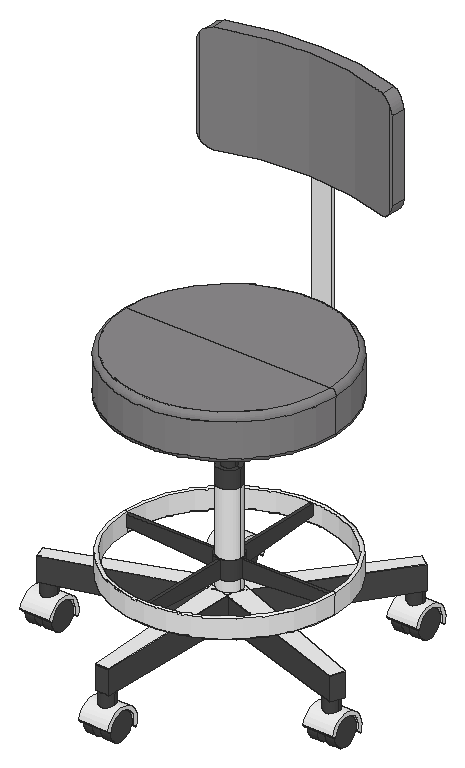
Revit family
Parameters (values of type "Classic Series Stools")
  Upholstery = Upholstery - Midmark - 232 - Shadow
  URL = "http://www.midmark.com"
  Product Page URL = "http://www.midmark.com/en-us/AnimalHealthProducts/Seating/Pages/Midmark275AdjustablePhysicianStool.aspx"
  Product Documentation Link = "http://www.midmark.com/marketing-collateral/007-0558-00.pdf"
  Model = "275"
  Manufacturer = "Midmark"
  Lift Height = Calculated Height - 0' 2"  # 1' - 4"
  Height = 1' - 6"
  Foot Ring Accessory = yes
  Description = "Classic Series Stools"
  Calculated Height = if(Height < 1' 6", 1' 6", if(Height > 2' 0 1/2", 2' 0 1/2", Height))  # 1' - 6"
  Assembly Code = "E2020"
Reference planes (in)
  plane 1 "Center Front/Back": y = 0
  plane 2: z = 0
  plane 3 "Center Left/Right": x = 0
  plane 4: z = 18
  plane 5: z = 5.25
  plane 6: z = 2
  plane 7: x = -12.11968
  plane 8: x = 11.86968
  plane 9: y = 10.87905
  plane 10: y = -12.83061
  plane 11: x = -12.86968
  plane 12: x = 12.61968
  plane 13: y = -13.58061
  plane 14: y = 11.62905
  plane 15: z = 21.5
  plane 16: y = 4
  plane 17: z = 38.25
  plane 18: z = 6
  plane 19 "BACK": y = 17.1502
  plane 20 "FRONT": y = -17.1502
Forms (in)
  Extrusion 1, solid, material "Chair - Midmark Coarse View", detail levels coarse
    sketch origin (0, 0, 0) x (1, 0, 0) y (0, 1, 0)
      loop
        line (-12.86968, 11.62905) -> (-12.86968, -13.58061) -> (12.61968, -13.58061) -> (12.61968, 11.62905) -> (-12.86968, 11.62905)
    from 0 to 38.25
Lines and regions (in)
  Masking region 1, detail levels coarse
    outline origin (0, 0, 0) x (1, 0, 0) y (0, 1, 0)
      loop
        line (-12.86968, 11.62905) -> (-12.86968, -13.58061) -> (12.61968, -13.58061) -> (12.61968, 11.62905) -> (-12.86968, 11.62905)
  Masking region 2, detail levels coarse
    outline origin (0, -17.1502, 0) x (-1, 0, 0) y (0, 0, 1)
      loop
        line (12.86968, 38.25) -> (-12.61968, 38.25) -> (-12.61968, 0) -> (12.86968, 0) -> (12.86968, 38.25)
  Masking region 3, detail levels coarse
    outline origin (0, 0, 0) x (0, 1, 0) y (0, 0, 1)
      loop
        line (11.62905, 38.25) -> (-13.58061, 38.25) -> (-13.58061, 0) -> (11.62905, 0) -> (11.62905, 38.25)
  Masking region 4, detail levels coarse
    outline origin (0, 17.1502, 0) x (-1, 0, 0) y (0, 0, 1)
      loop
        line (12.86968, 38.25) -> (-12.61968, 38.25) -> (-12.61968, 0) -> (12.86968, 0) -> (12.86968, 38.25)
Dimensions and locks (in)
  "Calculated Height": plane 4 to plane 2
  locked: plane 5 to plane 2 at 5.25
  locked: plane 6 to plane 2 at 2
  plane 14 to plane 9 to plane 1 "Center Front/Back" to plane 10 to plane 13 = 0' - 0 3/4" locked, 0' - 10.87905" locked, 1' - 0.83061" locked, 0' - 0 3/4" locked
  plane 11 to plane 7 = 0' - 0 3/4"
  locked: plane 15 to plane 4 at 3.5
  plane 3 "Center Left/Right" to plane 8 to Extrusion 1 = 0' - 11.86968" locked, 0' - 0 3/4" locked
  Extrusion 1 to plane 7 to plane 3 "Center Left/Right" = 0' - 0 3/4" locked, 1' - 0.11968" locked
  locked: plane 16 to plane 1 "Center Front/Back" at 4
  locked: plane 17 to plane 15 at 16.75
  locked: plane 18 to plane 2 at 6
  plane 11 to plane 3 "Center Left/Right" to plane 12 = 1' - 0.86968" locked, 1' - 0.61968" locked
  aligned and locked: level to plane 2
  aligned and locked: plane 3 "Center Left/Right" to nested 2
  aligned and locked: plane 3 "Center Left/Right" to nested 1
  aligned and locked: plane 2 to nested 2
  aligned: plane 4 to nested 1
  aligned and locked: plane 1 "Center Front/Back" to nested 2
  aligned and locked: plane 1 "Center Front/Back" to nested 1
  aligned: plane 5 to nested 1
  aligned: nested 1 to plane 6
  aligned and locked: nested 3 to plane 4
  aligned and locked: plane 3 "Center Left/Right" to nested 3
  aligned and locked: plane 1 "Center Front/Back" to nested 3
  aligned and locked: nested 1 to plane 6
  aligned: plane 4 to nested 4
  aligned and locked: plane 3 "Center Left/Right" to nested 4
  aligned: Extrusion 1 to plane 15
  aligned and locked: plane 13 to Extrusion 1 sketch curve
  aligned and locked: Extrusion 1 sketch curve to plane 11
  aligned and locked: plane 14 to Extrusion 1 sketch curve
  aligned and locked: plane 12 to Extrusion 1
  aligned and locked: Extrusion 1 to plane 2
  aligned and locked: plane 13 to Masking region 1 sketch curve
  aligned and locked: Masking region 1 sketch curve to plane 11
  aligned and locked: plane 14 to Masking region 1 sketch curve
  aligned and locked: Masking region 1 sketch curve to plane 12
  aligned and locked: Masking region 2 sketch curve to plane 11
  aligned and locked: Masking region 2 sketch curve to plane 12
  aligned and locked: plane 2 to Masking region 2 sketch curve
  aligned and locked: plane 4 to nested 4
  aligned and locked: plane 4 to nested 5
  aligned and locked: plane 3 "Center Left/Right" to nested 5
  aligned and locked: nested 5 to plane 16
  aligned and locked: nested 4 to plane 1 "Center Front/Back"
  aligned and locked: plane 17 to Extrusion 1
  aligned and locked: plane 17 to Masking region 2
  aligned and locked: Masking region 3 sketch curve to plane 17
  aligned and locked: plane 18 to nested 6
  aligned and locked: plane 3 "Center Left/Right" to nested 6
  aligned and locked: plane 1 "Center Front/Back" to nested 6
  aligned and locked: Masking region 4 to plane 12
  aligned and locked: Masking region 4 to plane 17
  aligned and locked: plane 11 to Extrusion 1
  aligned and locked: plane 2 to Masking region 4
Automatic sketch dimensions
  Masking region 3 sketch curve to plane 13 = 0' - 0"
  Masking region 3 sketch curve to level = 0' - 0"
  Masking region 3 sketch curve to plane 14 = 0' - 0"
  Extrusion 1 sketch curve to plane 12 = 0' - 0"
  Masking region 2 sketch curve to plane 17 = 0' - 0"
  Masking region 4 sketch curve to plane 12 = 0' - 0"
  Masking region 4 sketch curve to level = 0' - 0"
  plane 11 to Masking region 4 sketch curve = 0' - 0"
  Masking region 4 sketch curve to plane 17 = 0' - 0"
Nested families (in)
  nested 1: "Hydralic Lift Chrome" at (0, 0, 2), type "Hydralic Lift Chrome"
  nested 2: "Feet Black Aluminum" at (0, 0, 0), type "Feet Black Aluminum"
  nested 3: "Round Cushion" at (0, 0, 18), type "Round Cushion"
  nested 4: "Air Lift No Lever" at (0, 1.875, 16.5), type "Air Lift No Lever"
  nested 5: "Chair Back Flat" at (0, 6.48584, 17.75), type "Chair Back Flat"
  nested 6: "Foot Ring" at (0, 0, 5.94888), type "Foot Ring"
Definition of nested family "Hydralic Lift Chrome"
  Parameters (values of type "Hydralic Lift Chrome")
    Top Lift Material = Chair - Midmark - Chrome
    Height = 1' - 4"
    Bottom Lift Material = Chair - Midmark - Chrome
    Assembly Code = ""
  Reference planes (in)
    plane 1 "Center Front/Back": y = 0
    plane 2: z = 0
    plane 3 "Center Left/Right": x = 0
    plane 4: x = -0.87626
    plane 5: x = 0.87374
    plane 6: z = 16
    plane 7: y = 0.87671
    plane 8: y = -0.87329
    plane 9: z = 0
    plane 10 "Caster Instalation Point": z = 3.25
    plane 11: z = 11.39696
  Forms (in)
    Revolve 1, solid, material "Chair - Midmark - Chrome" <- "Bottom Lift Material"
      sketch origin (-0.00126, 0.00171, -2) x (1, 0, 0) y (0, 0, 1)
        loop
          line (0, 2) -> (0, 12.14696) -> (-0.875, 12.14696) -> (-0.875, 2) -> (0, 2)
        axis (0, 2) -> (0, 12.14696)
      angle from 0 to 360
    Revolve 2, solid, material "Chair - Midmark - Chrome" <- "Top Lift Material"
      sketch origin (-0.00126, 0.00171, -2) x (1, 0, 0) y (0, 0, 1)
        loop
          line (-0.875, 12.14696) -> (0, 12.14696) -> (0, 18) -> (-0.5, 18) -> (-0.5, 13.39696) -> (-0.875, 13.39696) -> (-0.875, 12.14696)
        axis (0, 18) -> (0, 12.14696)
      angle from 0 to 360
  Lines and regions (in)
    Masking region 1, detail levels medium+fine
      outline origin (0, 0, 0) x (1, 0, 0) y (0, 0, 1)
        loop
          line (-0.87626, 0) -> (0.87374, 0) -> (0.87374, 11.39696) -> (0.49874, 11.39696) -> (0.49874, 16) -> (-0.50126, 16) -> (-0.50126, 11.39696) -> (-0.87626, 11.39696) -> (-0.87626, 0)
    Masking region 2, detail levels coarse
      outline origin (0, 0, 0) x (1, 0, 0) y (0, 0, 1)
        loop
          line (0.87374, 16) -> (-0.87626, 16) -> (-0.87626, 0) -> (0.87374, 0) -> (0.87374, 16)
    Masking region 3, detail levels coarse
      outline origin (0, 0, 0) x (0, 1, 0) y (0, 0, 1)
        loop
          line (0.87671, 0) -> (0.87671, 16) -> (-0.87329, 16) -> (-0.87329, 0) -> (0.87671, 0)
    Masking region 4, detail levels medium+fine
      outline origin (0, 0, 0) x (0, 1, 0) y (0, 0, 1)
        loop
          line (0.87671, 0) -> (0.87671, 11.39696) -> (0.50171, 11.39696) -> (0.50171, 16) -> (-0.49829, 16) -> (-0.49829, 11.39696) -> (-0.87329, 11.39696) -> (-0.87329, 0) -> (0.87671, 0)
    Masking region 5, detail levels coarse
      outline origin (0, 0, 0) x (1, 0, 0) y (0, 1, 0)
        loop
          line (0.87374, 0.87671) -> (-0.87626, 0.87671) -> (-0.87626, -0.87329) -> (0.87374, -0.87329) -> (0.87374, 0.87671)
    Masking region 6, detail levels medium+fine
      outline origin (0, 0, 0) x (1, 0, 0) y (0, 1, 0)
        loop
          circle (0, 0) r 0.87625
    symbolic lines, detail levels fine
      curve 1: line (0, 0.87671, 10.14696) -> (0, -0.87329, 10.14696)
      curve 2: line (-0.87626, 0, 10.14696) -> (0.87374, 0, 10.14696)
      curve 3: line (-0.50126, 0, 11.39696) -> (0.49874, 0, 11.39696)
      curve 4: line (0, 0.50171, 11.39696) -> (0, -0.49829, 11.39696)
      curve 5: circle (0, 0, 0) r 0.5 normal (0, 0, 1)
  Dimensions and locks (in)
    "Height": plane 6 to plane 9
    locked: plane 10 "Caster Instalation Point" to plane 9 at 3.25
    locked: plane 11 to plane 10 "Caster Instalation Point" at 8.14696
    aligned and locked: level to plane 2
    aligned and locked: plane 9 to level
    aligned and locked: Revolve 2 to plane 11  (x2)
  Automatic sketch dimensions
    plane 1 "Center Front/Back" to curve 5 = 0' - 0"
    curve 5 to plane 3 "Center Left/Right" = 0' - 0"
    plane 4 to curve 2 = 0' - 0"
    plane 5 to curve 2 = 0' - 0"
    curve 3 to plane 4 = 0' - 0 3/8"
    plane 5 to curve 3 = 0' - 0 3/8"
    plane 10 "Caster Instalation Point" to curve 2 = 0' - 6.89696"
    curve 2 to curve 3 = 0' - 1 1/4"
    curve 1 to plane 8 = 0' - 0"
    curve 1 to plane 7 = 0' - 0"
    plane 8 to curve 4 = 0' - 0 3/8"
    curve 4 to plane 7 = 0' - 0 3/8"
    plane 10 "Caster Instalation Point" to curve 1 = 0' - 6.89696"
    curve 1 to curve 4 = 0' - 1 1/4"
    Revolve 1 sketch curve to level = 0' - 0"  (x2)
    plane 4 to Revolve 1 sketch curve = 0' - 0"
    Revolve 1 sketch curve to plane 3 "Center Left/Right" = 0' - 0.00126"
    Revolve 1 sketch curve to Revolve 1 sketch curve = 0' - 0"
    plane 10 "Caster Instalation Point" to Revolve 1 sketch curve = 0' - 6 3/4"
    Revolve 1 sketch curve to Revolve 1 sketch curve = 0' - 0.14696"
    plane 4 to Revolve 2 sketch curve = 0' - 0"
    Revolve 2 sketch curve to plane 6 = 0' - 0"  (x2)
    Revolve 2 sketch curve to plane 4 = 0' - 0 3/8"
    Revolve 2 sketch curve to plane 3 "Center Left/Right" = 0' - 0.00126"
    Revolve 2 sketch curve to Revolve 2 sketch curve = 0' - 0"
    plane 10 "Caster Instalation Point" to Revolve 2 sketch curve = 0' - 8.14696"
    Revolve 2 sketch curve to Revolve 2 sketch curve = 0' - 1 1/4"
    Revolve 2 sketch curve to Revolve 2 sketch curve = 0' - 0.89696"
    Masking region 1 sketch curve to level = 0' - 0"
    plane 4 to Masking region 1 sketch curve = 0' - 0"
    Masking region 1 sketch curve to plane 6 = 0' - 0"
    plane 5 to Masking region 1 sketch curve = 0' - 0"
    Masking region 1 sketch curve to plane 4 = 0' - 0 3/8"
    plane 5 to Masking region 1 sketch curve = 0' - 0 3/8"
    plane 10 "Caster Instalation Point" to Masking region 1 sketch curve = 0' - 8.14696"
    Masking region 1 sketch curve to Masking region 1 sketch curve = 0' - 0"
    plane 4 to Masking region 2 sketch curve = 0' - 0"
    Masking region 2 sketch curve to level = 0' - 0"
    plane 5 to Masking region 2 sketch curve = 0' - 0"
    Masking region 2 sketch curve to plane 6 = 0' - 0"
    Masking region 3 sketch curve to plane 6 = 0' - 0"
    Masking region 3 sketch curve to plane 8 = 0' - 0"
    Masking region 3 sketch curve to plane 7 = 0' - 0"
    Masking region 3 sketch curve to level = 0' - 0"
    Masking region 4 sketch curve to level = 0' - 0"
    Masking region 4 sketch curve to plane 8 = 0' - 0"
    Masking region 4 sketch curve to plane 6 = 0' - 0"
    Masking region 4 sketch curve to plane 7 = 0' - 0"
    plane 8 to Masking region 4 sketch curve = 0' - 0 3/8"
    Masking region 4 sketch curve to plane 7 = 0' - 0 3/8"
    plane 10 "Caster Instalation Point" to Masking region 4 sketch curve = 0' - 8.14696"
    Masking region 4 sketch curve to Masking region 4 sketch curve = 0' - 0"
    Masking region 5 sketch curve to plane 4 = 0' - 0"
    Masking region 5 sketch curve to plane 5 = 0' - 0"
    Masking region 5 sketch curve to plane 8 = 0' - 0"
    Masking region 5 sketch curve to plane 7 = 0' - 0"
    plane 1 "Center Front/Back" to Masking region 6 sketch curve = 0' - 0"
    Masking region 6 sketch curve to plane 3 "Center Left/Right" = 0' - 0"
    radius of curve 5 = 0' - 0 1/2"
    radius of Masking region 6 sketch curve = 0' - 0.87625"
Definition of nested family "Feet Black Aluminum"
  Parameters (values of type "Feet Black Aluminum")
    Feet Material = Chair - Midmark - Black Aluminum
    Assembly Code = ""
  Reference planes (in)
    plane 1 "Center Front/Back": y = 0
    plane 2: z = 0
    plane 3 "Center Left/Right": x = 0
    plane 4: z = 3.14669
    plane 5: x = -12.11968
    plane 6: x = 11.86968
    plane 7: z = 5.14669
    plane 8: y = 10.87905
    plane 9: y = -12.83061
    plane 10: z = 0
    plane 11 "Left": x = -12.6741
    plane 12 "Front": y = -13.53243
    plane 13 "Back": y = 11.53243
    plane 14 "Right": x = 12.4241
  Forms (in)
    Blend 1, solid, material "Chair - Midmark - Black Aluminum" <- "Feet Material"
      base sketch origin (-0.02, 0.01151, 2.71936) x (0.999996, 0.002747, 0) y (0, 0, 1)
        loop
          line (0.71241, 2.42733) -> (-0.78759, 2.42733) -> (-0.78759, 0.42733) -> (0.71241, 0.42733) -> (0.71241, 2.42733)
      top sketch origin (-0.02, 0.01151, 2.71936) x (0.999996, 0.002747, 0) y (0, 0, 1)
        loop
          line (-0.50634, 0.42733) -> (0.49366, 0.42733) -> (0.49366, 2.17733) -> (-0.50634, 2.17733) -> (-0.50634, 0.42733)
      from 0 to 12
    Blend 2, solid, material "Chair - Midmark - Black Aluminum" <- "Feet Material"
      base sketch origin (0.00505, 0.01375, 2.71936) x (0.331216, 0.943555, 0) y (0, 0, 1)
        loop
          line (0.71241, 2.42733) -> (-0.78759, 2.42733) -> (-0.78759, 0.42733) -> (0.71241, 0.42733) -> (0.71241, 2.42733)
      top sketch origin (0.00505, 0.01375, 2.71936) x (0.331216, 0.943555, 0) y (0, 0, 1)
        loop
          line (-0.50634, 0.42733) -> (0.49366, 0.42733) -> (0.49366, 2.17733) -> (-0.50634, 2.17733) -> (-0.50634, 0.42733)
      from 0 to 12
    Blend 3, solid, material "Chair - Midmark - Black Aluminum" <- "Feet Material"
      base sketch origin (-0.00087, -0.04805, 2.71936) x (0.286648, -0.958036, 0) y (0, 0, 1)
        loop
          line (0.71241, 2.42733) -> (-0.78759, 2.42733) -> (-0.78759, 0.42733) -> (0.71241, 0.42733) -> (0.71241, 2.42733)
      top sketch origin (-0.00087, -0.04805, 2.71936) x (0.286648, -0.958036, 0) y (0, 0, 1)
        loop
          line (-0.50634, 0.42733) -> (0.49366, 0.42733) -> (0.49366, 2.17733) -> (-0.50634, 2.17733) -> (-0.50634, 0.42733)
      from 0 to 12
    Blend 4, solid, material "Chair - Midmark - Black Aluminum" <- "Feet Material"
      base sketch origin (0.03408, -0.0149, 2.71936) x (0.822567, -0.568668, 0) y (0, 0, -1)
        loop
          line (0.71241, -2.42733) -> (0.71241, -0.42733) -> (-0.78759, -0.42733) -> (-0.78759, -2.42733) -> (0.71241, -2.42733)
      top sketch origin (0.03408, -0.0149, 2.71936) x (0.822567, -0.568668, 0) y (0, 0, -1)
        loop
          line (-0.50634, -0.42733) -> (-0.50634, -2.17733) -> (0.49366, -2.17733) -> (0.49366, -0.42733) -> (-0.50634, -0.42733)
      from 0 to 12
    Blend 5, solid, material "Chair - Midmark - Black Aluminum" <- "Feet Material"
      base sketch origin (0.02615, 0.03051, 2.71936) x (0.795022, 0.60658, 0) y (0, 0, -1)
        loop
          line (0.71241, -2.42733) -> (0.71241, -0.42733) -> (-0.78759, -0.42733) -> (-0.78759, -2.42733) -> (0.71241, -2.42733)
      top sketch origin (0.02615, 0.03051, 2.71936) x (0.795022, 0.60658, 0) y (0, 0, -1)
        loop
          line (-0.50634, -0.42733) -> (-0.50634, -2.17733) -> (0.49366, -2.17733) -> (0.49366, -0.42733) -> (-0.50634, -0.42733)
      from 0 to 12
    Blend 6, solid, material "Chair - Midmark - Chrome"
      base sketch origin (0.00983, -12, 0) x (-1, 0, 0) y (0, 0, 1)
        loop
          line (-0.49337, 4.89669) -> (0.50662, 4.89669) -> (0.50662, 4.93106) -> (-0.49337, 4.93106) -> (-0.49337, 4.89669)
      top sketch origin (0.00983, -12, 0) x (-1, 0, 0) y (0, 0, 1)
        loop
          line (-0.68649, 5.14669) -> (0.8135, 5.14669) -> (0.8135, 5.17856) -> (-0.68649, 5.17856) -> (-0.68649, 5.14669)
      from 0 to 11.38652
    Blend 7, solid, material "Chair - Midmark - Chrome"
      base sketch origin (-11.48467, -3.49301, 0) x (-0.284015, 0.95882, 0) y (0, 0, 1)
        loop
          line (-0.49337, 4.89669) -> (0.50662, 4.89669) -> (0.50662, 4.93106) -> (-0.49337, 4.93106) -> (-0.49337, 4.89669)
      top sketch origin (-11.48467, -3.49301, 0) x (-0.284015, 0.95882, 0) y (0, 0, 1)
        loop
          line (-0.68649, 5.14669) -> (0.8135, 5.14669) -> (0.8135, 5.17856) -> (-0.68649, 5.17856) -> (-0.68649, 5.14669)
      from 0 to 11.49746
    Blend 8, solid, material "Chair - Midmark - Chrome"
      base sketch origin (11.32628, -3.97406, 0) x (0.325568, 0.945519, 0) y (0, 0, -1)
        loop
          line (-0.49337, -4.89669) -> (-0.49337, -4.93106) -> (0.50662, -4.93106) -> (0.50662, -4.89669) -> (-0.49337, -4.89669)
      top sketch origin (11.32628, -3.97406, 0) x (0.325568, 0.945519, 0) y (0, 0, -1)
        loop
          line (-0.68649, -5.14669) -> (-0.68649, -5.17856) -> (0.8135, -5.17856) -> (0.8135, -5.14669) -> (-0.68649, -5.14669)
      from 0 to 11.3919
    Blend 9, solid, material "Chair - Midmark - Chrome"
      base sketch origin (6.79331, 9.86129, 0) x (0.82314, -0.567839, 0) y (0, 0, 1)
        loop
          line (-0.49337, 4.89669) -> (0.50662, 4.89669) -> (0.50662, 4.93106) -> (-0.49337, 4.93106) -> (-0.49337, 4.89669)
      top sketch origin (6.79331, 9.86129, 0) x (0.82314, -0.567839, 0) y (0, 0, 1)
        loop
          line (-0.68649, 5.14669) -> (0.8135, 5.14669) -> (0.8135, 5.17856) -> (-0.68649, 5.17856) -> (-0.68649, 5.14669)
      from 0 to 11.57161
    Blend 10, solid, material "Chair - Midmark - Chrome"
      base sketch origin (-7.26129, 9.5605, 0) x (0.798726, 0.601694, 0) y (0, 0, 1)
        loop
          line (-0.49337, 4.89669) -> (0.50662, 4.89669) -> (0.50662, 4.93106) -> (-0.49337, 4.93106) -> (-0.49337, 4.89669)
      top sketch origin (-7.26129, 9.5605, 0) x (0.798726, 0.601694, 0) y (0, 0, 1)
        loop
          line (-0.68649, 5.14669) -> (0.8135, 5.14669) -> (0.8135, 5.17856) -> (-0.68649, 5.17856) -> (-0.68649, 5.14669)
      from 0 to 11.57804
  Lines and regions (in)
    Masking region 1, detail levels coarse
      outline origin (0, -13.53243, 0) x (-1, 0, 0) y (0, 0, 1)
        loop
          line (12.11968, 5.20165) -> (-11.86968, 5.20165) -> (-11.86968, 0) -> (12.11968, 0) -> (12.11968, 5.20165)
    Masking region 2, detail levels coarse
      outline origin (-12.6741, 0, 0) x (0, 1, 0) y (0, 0, 1)
        loop
          line (10.87905, 5.18859) -> (-12.83061, 5.18859) -> (-12.83061, 0) -> (10.87905, 0) -> (10.87905, 5.18859)
    Masking region 3, detail levels coarse
      outline origin (0, 0, 0) x (1, 0, 0) y (0, 1, 0)
        loop
          line (-12.11968, 10.87905) -> (-12.11968, -12.83061) -> (11.86968, -12.83061) -> (11.86968, 10.87905) -> (-12.11968, 10.87905)
    Masking region 4, detail levels medium+fine
      outline origin (0, 0, 0) x (1, 0, 0) y (0, 0, 1)
        loop
          line (-11.29362, 0) -> (-11.29362, 0.4641) -> (-10.70638, 0.4641) -> (-10.70638, 0) -> (-9.98951, 0) -> (-9.98951, 0.4641) -> (-9.88032, 0.4641) -> (-9.88032, 2.35385) -> (-10.44, 2.35385) -> (-10.44, 3.14669) -> (-7.55329, 3.14669) -> (-7.55329, 2.35385) -> (-8.11968, 2.35385) -> (-8.11968, 0.4641) -> (-8.01049, 0.4641) -> (-8.01049, 0) -> (-7.29362, 0) -> (-7.29362, 0.4641) -> (-6.70638, 0.4641) -> (-6.70638, 0) -> (-5.98951, 0) -> (-5.98951, 0.4641) -> (-5.88032, 0.4641) -> (-5.88032, 2.35385) -> (-6.44, 2.35385) -> (-6.44, 3.14669) -> (-0.55329, 3.14669) -> (-0.55329, 2.35385) -> (-1.11968, 2.35385) -> (-1.11968, 0.4641) -> (-1.01049, 0.4641) -> (-1.01049, 0) -> (-0.29362, 0) -> (-0.29362, 0.4641) -> (0.29362, 0.4641) -> (0.29362, 0) -> (1.01049, 0) -> (1.01049, 0.4641) -> (1.11968, 0.4641) -> (1.11968, 2.35385) -> (0.56, 2.35385) -> (0.56, 3.14669) -> (5.93762, 3.14669) -> (5.93762, 2.35385) -> (5.38032, 2.35385) -> (5.38032, 0.4641) -> (5.48951, 0.4641) -> (5.48951, 0) -> (6.20638, 0) -> (6.20638, 0.4641) -> (6.79362, 0.4641) -> (6.79362, 0) -> (7.51049, 0) -> (7.51049, 0.4641) -> (7.61968, 0.4641) -> (7.61968, 2.35385) -> (7.06, 2.35385) -> (7.06, 3.14669) -> (10.19671, 3.14669) -> (10.19671, 2.35385) -> (9.63032, 2.35385) -> (9.63032, 0.4641) -> (9.73951, 0.4641) -> (9.73951, 0) -> (10.45638, 0) -> (10.45638, 0.4641) -> (11.04362, 0.4641) -> (11.04362, 0) -> (11.76049, 0) -> (11.76049, 0.4641) -> (11.86968, 0.4641) -> (11.86968, 2.35385) -> (11.31, 2.35385) -> (11.31, 3.14669) -> (11.49121, 3.14669) -> (11.49121, 4.89669) -> (0.68577, 5.13681) -> (-0.76806, 5.13681) -> (-11.64244, 4.89669) -> (-11.64244, 3.14669) -> (-11.55329, 3.14669) -> (-11.55329, 2.35385) -> (-12.11968, 2.35385) -> (-12.11968, 0.4641) -> (-12.01049, 0.4641) -> (-12.01049, 0) -> (-11.29362, 0)
    Masking region 5, detail levels medium+fine
      outline origin (0, 0, 0) x (0, 1, 0) y (0, 0, 1)
        loop
          arc (10.78122, 0.4641) -> (10.77146, 1.50846) -> (10.03266, 2.24667) r 1.37951
          line (10.03266, 2.24667) -> (10.03266, 3.14669) -> (10.14385, 3.14669) -> (10.14839, 4.87753) -> (-0.00333, 5.13888) -> (-12.08812, 4.88709) -> (-12.08812, 2.21814)
          arc (-12.08812, 2.21814) -> (-12.56152, 1.84498) -> (-12.83061, 1.30559) r 1.37951
          line (-12.83061, 1.30559) -> (-12.4904, 0.96538)
          arc (-12.4904, 0.96538) -> (-11.58868, 0.00478) -> (-10.5174, 0.77172) r 1
          line (-10.5174, 0.77172) -> (-10.20978, 0.4641)
          arc (-10.20978, 0.4641) -> (-10.22081, 1.51145) -> (-10.96434, 2.24917) r 1.37951
          line (-10.96434, 2.24917) -> (-10.96434, 3.14669) -> (-4.33492, 3.14669) -> (-4.33492, 2.22392)
          arc (-4.33492, 2.22392) -> (-4.81625, 1.85021) -> (-5.08961, 1.30559) r 1.37951
          line (-5.08961, 1.30559) -> (-4.74804, 0.96402)
          arc (-4.74804, 0.96402) -> (-4.35165, 0.20158) -> (-3.50881, 0.03407) r 0.99276
          arc (-3.50881, 0.03407) -> (-2.73642, 0.14196) -> (-2.2764, 0.77172) r 1
          line (-2.2764, 0.77172) -> (-1.96878, 0.4641)
          arc (-1.96878, 0.4641) -> (-1.97757, 1.50613) -> (-2.71269, 2.24471) r 1.37951
          line (-2.71269, 2.24471) -> (-2.71269, 3.14669) -> (8.6558, 3.14669) -> (8.6558, 2.21954)
          arc (8.6558, 2.21954) -> (8.1805, 1.84624) -> (7.91039, 1.30559) r 1.37951
          line (7.91039, 1.30559) -> (8.25, 1)
          arc (8.25, 1) -> (8.63833, 0.20254) -> (9.50189, 0) r 1.03326
          arc (9.50189, 0) -> (10.04186, 0.15959) -> (10.40777, 0.58755) r 0.99117
          line (10.40777, 0.58755) -> (10.53122, 0.4641)
          arc (10.53122, 0.4641) -> (10.55798, 0.56372) -> (10.58105, 0.66427) r 2.79724
          line (10.58105, 0.66427) -> (10.78122, 0.4641)
    Masking region 6, detail levels medium+fine
      outline origin (0, 0, 0) x (1, 0, 0) y (0, 1, 0)
        loop
          line (1.11968, -12.83061) -> (1.11968, -10.11952) -> (0.56, -10.11952) -> (0.67622, -1.03222) -> (9.63032, -3.94159) -> (9.63032, -5.08961) -> (11.86968, -5.08961) -> (11.88032, -2.38179) -> (9.63032, -2.38179) -> (9.64126, -2.80754) -> (1.13452, 0.35388) -> (6.32371, 8.16039) -> (7.61968, 8.16039) -> (7.61968, 10.86821) -> (5.38032, 10.86821) -> (5.38887, 8.73511) -> (-0.01517, 1.22973) -> (-5.86968, 8.61974) -> (-5.86968, 10.62905) -> (-8.11968, 10.62905) -> (-8.11968, 7.91039) -> (-6.67216, 7.91039) -> (-1.20683, 0.388) -> (-9.88032, -2.43019) -> (-9.88032, -1.87095) -> (-12.11968, -1.87095) -> (-12.11968, -4.58961) -> (-9.88032, -4.58961) -> (-9.88032, -3.54845) -> (-0.78101, -1.00564) -> (-0.54255, -10.11195) -> (-1.11968, -10.11195) -> (-1.11968, -12.83061) -> (1.11968, -12.83061)
    symbolic lines, detail levels fine
      curve 1: line (11.16, 0, 3.14669) -> (11.16, 0, 4.89669)
      curve 2: line (-11.35579, 0, 3.14669) -> (-11.35579, 0, 4.89669)
      curve 3: line (-12.11968, 0, 1.09001) -> (-9.88032, 0, 1.09001)
      curve 4: line (-12.11968, 0, 1.30559) -> (-9.88032, 0, 1.30559)
      curve 5: line (-10.70638, 0, 1.09001) -> (-10.70206, 0, 0.45757)
      curve 6: line (-11.29362, 0, 1.09001) -> (-11.29362, 0, 0.4641)
      curve 7: line (-12.11968, 0, 0.66069) -> (-12.01049, 0, 0.66069)
      curve 8: line (-11.29362, 0, 0.66069) -> (-10.70345, 0, 0.66069)
      curve 9: line (-9.98951, 0, 0.66069) -> (-9.88032, 0, 0.66069)
      curve 10: line (-8.11968, 0, 1.09001) -> (-5.88032, 0, 1.09001)
      curve 11: line (-8.11968, 0, 1.30559) -> (-5.88032, 0, 1.30559)
      curve 12: line (-6.70638, 0, 1.09001) -> (-6.70206, 0, 0.45757)
      curve 13: line (-7.29362, 0, 1.09001) -> (-7.29362, 0, 0.4641)
      curve 14: line (-8.11968, 0, 0.66069) -> (-8.01049, 0, 0.66069)
      curve 15: line (-7.29362, 0, 0.66069) -> (-6.70345, 0, 0.66069)
      curve 16: line (-5.98951, 0, 0.66069) -> (-5.88032, 0, 0.66069)
      curve 17: line (-1.11968, 0, 1.09001) -> (1.11968, 0, 1.09001)
      curve 18: line (-1.11968, 0, 1.30559) -> (1.11968, 0, 1.30559)
      curve 19: line (0.29362, 0, 1.09001) -> (0.29794, 0, 0.45757)
      curve 20: line (-0.29362, 0, 1.09001) -> (-0.29362, 0, 0.4641)
      curve 21: line (-1.11968, 0, 0.66069) -> (-1.01049, 0, 0.66069)
      curve 22: line (-0.29362, 0, 0.66069) -> (0.29655, 0, 0.66069)
      curve 23: line (1.01049, 0, 0.66069) -> (1.11968, 0, 0.66069)
      curve 24: line (5.38032, 0, 1.09001) -> (7.61968, 0, 1.09001)
      curve 25: line (5.38032, 0, 1.30559) -> (7.61968, 0, 1.30559)
      curve 26: line (6.79362, 0, 1.09001) -> (6.79794, 0, 0.45757)
      curve 27: line (6.20638, 0, 1.09001) -> (6.20638, 0, 0.4641)
      curve 28: line (5.38032, 0, 0.66069) -> (5.48951, 0, 0.66069)
      curve 29: line (6.20638, 0, 0.66069) -> (6.79655, 0, 0.66069)
      curve 30: line (7.51049, 0, 0.66069) -> (7.61968, 0, 0.66069)
      curve 31: line (9.63032, 0, 1.09001) -> (11.86968, 0, 1.09001)
      curve 32: line (9.63032, 0, 1.30559) -> (11.86968, 0, 1.30559)
      curve 33: line (11.04362, 0, 1.09001) -> (11.04794, 0, 0.45757)
      curve 34: line (10.45638, 0, 1.09001) -> (10.45638, 0, 0.4641)
      curve 35: line (9.63032, 0, 0.66069) -> (9.73951, 0, 0.66069)
      curve 36: line (10.45638, 0, 0.66069) -> (11.04655, 0, 0.66069)
      curve 37: line (11.76049, 0, 0.66069) -> (11.86968, 0, 0.66069)
      curve 55: line (-0.49337, -11.98984, 0) -> (0.50663, -11.98984, 0)
      curve 56: line (0.50663, -11.98984, 0) -> (0.53568, -10.11316, 0)
      curve 57: line (-0.54251, -10.11347, 0) -> (-0.49337, -11.98984, 0)
      curve 58: line (9.63032, -3.94159, 0) -> (11.16, -4.43861, 0)
      curve 59: line (11.16, -4.43861, 0) -> (11.49121, -3.49506, 0)
      curve 60: line (11.49121, -3.49506, 0) -> (9.61649, -2.79834, 0)
      curve 61: line (5.38032, 8.68314, 0) -> (6.44159, 10.14385, 0)
      curve 62: line (6.44159, 10.14385, 0) -> (7.27439, 9.59027, 0)
      curve 63: line (7.27439, 9.59027, 0) -> (6.32915, 8.16857, 0)
      curve 64: line (-6.67216, 7.91039, 0) -> (-7.65536, 9.26364, 0)
      curve 65: line (-7.65536, 9.26364, 0) -> (-6.87152, 9.88461, 0)
      curve 66: line (-6.87152, 9.88461, 0) -> (-5.89303, 8.64949, 0)
      curve 67: line (-9.88032, -3.54845, 0) -> (-11.31738, -3.97842, 0)
      curve 68: line (-11.31738, -3.97842, 0) -> (-11.62639, -3.02737, 0)
      curve 69: line (-11.62639, -3.02737, 0) -> (-9.88032, -2.46003, 0)
      curve 70: line (0, 9.78318, 2.24646) -> (0, 9.78318, 3.14669)
      curve 71: line (0, 9.78318, 3.14669) -> (0, 9.87022, 3.14669)
      curve 72: line (0, 9.87022, 3.14669) -> (0, 9.87022, 4.89669)
      curve 73: line (0, 9.26364, 3.14669) -> (0, 9.26364, 4.89669)
      curve 74: line (0, -3.00274, 3.14669) -> (0, -3.00274, 4.89669)
      curve 75: line (0, -3.00274, 4.89669) -> (0, 0.48934, 5.13206)
      curve 76: line (0, -3.00274, 4.89669) -> (0, -3.96077, 4.89669)
      curve 77: line (0, -3.96077, 4.89669) -> (0, -0.73852, 5.14608)
      curve 78: line (0, -3.96077, 4.89669) -> (0, -3.96077, 3.14669)
      curve 79: line (0, -10.96434, 2.24917) -> (0, -10.96434, 3.14669)
      curve 80: line (0, -11.98709, 3.14669) -> (0, 10.03266, 3.14669)
      curve 81: arc (0, -11.491, 0) -> (0, -10.78389, 1.70711) -> (0, -12.491, 1) r 1
      curve 82: arc (0, -12.61503, 1.09001) -> (0, -11.27594, 2.0831) -> (0, -10.40637, 0.66069) r 1.12951
      curve 83: arc (0, -12.07696, 2.22344) -> (0, -10.54543, 1.97837) -> (0, -10.20978, 0.4641) r 1.37951
      curve 84: line (0, -4.33492, 3.14669) -> (0, -4.33492, 2.22392)
      curve 85: line (0, -3.83887, 3.14669) -> (0, -3.83887, 2.22207)
      curve 86: line (0, -2.71269, 3.14669) -> (0, -2.71269, 2.24471)
      curve 87: circle (0, -3.25, 1.00671) r 0.99975 normal (1, 0, 0)
      curve 88: line (0, -1.96878, 0.4641) -> (0, -2.16537, 0.66069)
      curve 89: line (0, -4.37403, 1.09001) -> (0, -4.58961, 1.30559)
      curve 90: line (0, -4.87403, 1.09001) -> (0, -5.08961, 1.30559)
      curve 91: arc (0, -5.08961, 1.30559) -> (0, -4.63517, 2.0328) -> (0, -3.83887, 2.35102) r 1.37951
      curve 92: arc (0, -4.87403, 1.09001) -> (0, -4.64461, 1.66541) -> (0, -4.1418, 2.02722) r 1.10602
      curve 93: arc (0, -4.58961, 1.30559) -> (0, -2.82873, 2.28781) -> (0, -1.96878, 0.4641) r 1.37951
      curve 94: arc (0, -4.37403, 1.09001) -> (0, -3.03494, 2.0831) -> (0, -2.16537, 0.66069) r 1.12951
      curve 95: arc (0, 7.91039, 1.30559) -> (0, 9.58079, 2.31349) -> (0, 10.58869, 0.64309) r 1.37951
      curve 96: arc (0, 10.03807, 2.24439) -> (0, 9.91135, 2.28574) -> (0, 9.78318, 2.32232) r 3.56322
      curve 97: arc (0, 8.25, 1) -> (0, 9.25, 2) -> (0, 10.25, 1) r 1
      curve 98: arc (0, 8.25, 1) -> (0, 9.25, 0) -> (0, 10.25, 1) r 1
      curve 99: line (0, 8.6558, 2.21954) -> (0, 8.6558, 3.14669)
      curve 100: arc (0, -4.37789, 1.76929) -> (0, -4.64034, 0.54492) -> (0, -3.49554, 0.03758) r 0.99276
      curve 101: arc (0, 10.33463, 0.66069) -> (0, 9.46506, 2.0831) -> (0, 8.12597, 1.09001) r 1.12951
      curve 102: line (0, 10.53122, 0.4641) -> (0, 10.33463, 0.66069)
      curve 103: line (0, 8.12597, 1.09001) -> (0, 7.91039, 1.30559)
      curve 104: line (0, -10.40637, 0.66069) -> (0, -10.20978, 0.4641)
      curve 105: line (-11.55329, 0, 3.14669) -> (-10.44, 0, 3.14669)
      curve 106: line (-7.55329, 0, 3.14669) -> (-6.44, 0, 3.14669)
      curve 107: line (-0.55329, 0, 3.14669) -> (0.56, 0, 3.14669)
      curve 108: line (5.93762, 0, 3.14669) -> (7.06, 0, 3.14669)
      curve 109: line (10.19671, 0, 3.14669) -> (11.31, 0, 3.14669)
    symbolic lines, style "Furniture", detail levels fine
      curve 38: line (-11.55329, 0, 2.35385) -> (-10.44, 0, 2.35385)
      curve 39: line (-7.55329, 0, 2.35385) -> (-6.44, 0, 2.35385)
      curve 40: line (-0.55329, 0, 2.35385) -> (0.56, 0, 2.35385)
      curve 41: line (5.93762, 0, 2.35385) -> (7.06, 0, 2.35385)
      curve 42: line (11.16, 0, 3.14669) -> (11.16, 0, 4.89669)
      curve 43: line (7.26416, 0, 3.14669) -> (7.26416, 0, 4.89669)
      curve 44: line (7.26416, 0, 4.89669) -> (0.62008, 0, 5.14669)
      curve 45: line (6.44159, 0, 3.14669) -> (6.44159, 0, 4.89669)
      curve 46: line (6.44159, 0, 4.89669) -> (-0.20312, 0, 5.13214)
      curve 47: line (-7.67041, 0, 3.14669) -> (-7.67041, 0, 4.89669)
      curve 48: line (-7.67041, 0, 4.89669) -> (-1.02633, 0, 5.14669)
      curve 49: line (-6.84784, 0, 3.14669) -> (-6.84784, 0, 4.89669)
      curve 50: line (-6.84784, 0, 4.89669) -> (-0.20312, 0, 5.13214)
      curve 51: line (-7.55329, 0, 2.35385) -> (-6.44, 0, 2.35385)
      curve 52: line (-0.55329, 0, 2.35385) -> (0.56, 0, 2.35385)
      curve 53: line (5.94671, 0, 2.35385) -> (7.06, 0, 2.35385)
      curve 54: line (10.19671, 0, 2.35385) -> (11.31, 0, 2.35385)
  Dimensions and locks (in)
    aligned and locked: level to plane 2
  Nested families (in)
    nested 1: "Casters Chrome" at (0, -11.491, 0), type "Casters Chrome"
    nested 2: "Casters Chrome" at (-11, -3.25, 0), type "Casters Chrome"
    nested 3: "Casters Chrome" at (-7, 9.25, 0), type "Casters Chrome"
    nested 4: "Casters Chrome" at (6.5, 9.5, 0), type "Casters Chrome"
    nested 5: "Casters Chrome" at (10.75, -3.75, 0), type "Casters Chrome"
  Definition of nested family "Casters Chrome"
    Parameters (values of type "Casters Chrome")
      Assembly Code = ""
    Reference planes (in)
      plane 1 "Center Front/Back": y = 0
      plane 2: z = 0
      plane 3 "Center Left/Right": x = 0
      plane 4: z = 3.14669
      plane 5: x = 1.11968
      plane 6: x = -1.11968
    Forms (in)
      Extrusion 1, solid, material "Chair - Midmark - Black Plastic"
        sketch origin (-0.01049, 0, -0.76917) x (0, -1, 0) y (0, 0, 1)
          loop
            circle (0, 1.76917) r 1
        from 0.28313 to 1
      Extrusion 2, solid, material "Chair - Midmark - Chrome"
        sketch origin (-0.01049, 0, -0.76917) x (0, -1, 0) y (0, 0, 1)
          loop
            arc (-1.08463, 1.42986) -> (-0.21506, 2.85227) -> (1.12403, 1.85918) r 1.12951
            line (1.12403, 1.85918) -> (1.33961, 2.07476)
            arc (1.33961, 2.07476) -> (-0.42127, 3.05698) -> (-1.28122, 1.23327) r 1.37951
            line (-1.28122, 1.23327) -> (-1.08463, 1.42986)
        from -1.13017 to 1.10918
      Extrusion 3, solid, material "Chair - Midmark - Black Plastic"
        sketch origin (0, 0.42399, -0.76917) x (1, 0, 0) y (0, 1, 0)
          loop
            circle (0, -0.45133) r 0.56
        from 2.89024 to 3.91587
      Extrusion 4, solid, material "Chair - Midmark - Black Plastic"
        sketch origin (0.01049, 0, -0.76917) x (0, -1, 0) y (0, 0, -1)
          loop
            circle (0, -1.76917) r 1
        from 0.28313 to 1
    Dimensions and locks (in)
      aligned and locked: level to plane 2
Definition of nested family "Round Cushion"
  Parameters (values of type "Round Cushion")
    Upholstery = Upholstery - Midmark - 216 - Pebble Grey
    Assembly Code = ""
  Reference planes (in)
    plane 1 "Center Front/Back": y = 0
    plane 2: z = 0
    plane 3 "Center Left/Right": x = 0
    plane 4: x = -8.09717
    plane 5: z = 3.25
    plane 6: x = 8.09293
    plane 7: y = 8.05646
    plane 8: y = -8.11896
    plane 9: z = 0
  Forms (in)
    Revolve 1, solid, material "Upholstery - Midmark - 216 - Pebble Grey" <- "Upholstery"
      sketch origin (-0.00688, -0.01945, -23) x (1, 0, 0) y (0, 0, 1)
        loop
          arc (-8.071, 23.25) -> (-7.99777, 23.07322) -> (-7.821, 23) r 0.25
          line (-7.821, 23) -> (0, 23) -> (0, 26.25) -> (-7.72089, 26.25)
          arc (-7.72089, 26.25) -> (-7.97477, 26.05519) -> (-8.071, 25.75) r 0.53209
          line (-8.071, 25.75) -> (-8.071, 23.25)
        axis (0, 26.25) -> (0, 23)
      angle from 0 to 360
  Lines and regions (in)
    Masking region 1, detail levels medium+fine
      outline origin (0, 0, 0) x (1, 0, 0) y (0, 0, 1)
        loop
          arc (-8.09717, 0.2242) -> (-8.03151, 0.06567) -> (-7.87297, 0) r 0.2242
          line (-7.87297, 0) -> (0, 0) -> (7.86873, 0)
          arc (7.86873, 0) -> (8.02726, 0.06567) -> (8.09293, 0.2242) r 0.2242
          line (8.09293, 0.2242) -> (8.09293, 2.7242)
          arc (8.09293, 2.7242) -> (7.99158, 3.04528) -> (7.72427, 3.25) r 0.55928
          line (7.72427, 3.25) -> (-0.00688, 3.25) -> (-7.72852, 3.25)
          arc (-7.72852, 3.25) -> (-7.99583, 3.04528) -> (-8.09717, 2.7242) r 0.55928
          line (-8.09717, 2.7242) -> (-8.09717, 0.2242)
    Masking region 2, detail levels coarse
      outline origin (-0.03199, 0, 0) x (1, 0, 0) y (0, 0, 1)
        loop
          line (-8.06518, 0) -> (8.12492, 0) -> (8.12492, 3.25) -> (-8.06518, 3.25) -> (-8.06518, 0)
    Masking region 3, detail levels coarse
      outline origin (0, 0, 0) x (0, 1, 0) y (0, 0, 1)
        loop
          line (8.05646, 3.25) -> (-8.10527, 3.25) -> (-8.10527, 0) -> (8.05646, 0) -> (8.05646, 3.25)
    Masking region 4, detail levels medium+fine
      outline origin (0, 0, 0) x (0, 1, 0) y (0, 0, 1)
        loop
          line (7.70581, 3.25) -> (-7.73706, 3.25)
          arc (-7.73706, 3.25) -> (-7.99996, 3.11227) -> (-8.10527, 2.83479) r 0.41821
          line (-8.10527, 2.83479) -> (-8.10527, 0.22108)
          arc (-8.10527, 0.22108) -> (-8.03423, 0.05843) -> (-7.86663, 0) r 0.22173
          line (-7.86663, 0) -> (7.83538, 0)
          arc (7.83538, 0) -> (7.9917, 0.06475) -> (8.05646, 0.22108) r 0.22108
          line (8.05646, 0.22108) -> (8.05646, 2.83212)
          arc (8.05646, 2.83212) -> (7.93976, 3.09025) -> (7.70581, 3.25) r 0.52432
    Masking region 5, detail levels coarse
      outline origin (0, 0, 0) x (1, 0, 0) y (0, 1, 0)
        loop
          line (8, -8.09302) -> (8, 8) -> (-8, 8) -> (-8, -8.09302) -> (8, -8.09302)
    Masking region 6, detail levels medium+fine
      outline origin (0, 0, 0) x (1, 0, 0) y (0, 1, 0)
        loop
          circle (0, 0) r 8
    symbolic lines, detail levels fine
      curve 1: circle (0, 0, 0) r 7.72775 normal (0, 0, 1)
  Dimensions and locks (in)
    aligned and locked: level to plane 2
Definition of nested family "Air Lift No Lever"
  Parameters (values of type "Air Lift No Lever")
    Seat Connector Material = Chair - Midmark - Black Plastic
    Lever Tip Material = Chair - Midmark - Black Plastic
    Lever Material = Chair - Midmark - Chrome
    Assembly Code = ""
  Reference planes (in)
    plane 1 "Center Front/Back": y = 0
    plane 2: z = 0
    plane 3 "Center Left/Right": x = 0
    plane 4 "Back": y = 3
    plane 5 "Front": y = -3
    plane 6 "Front1": y = -3.75
    plane 7 "Back1": y = 3.75
    plane 8 "Left": x = -2.25
    plane 9 "Right": x = 2.25
    plane 10: y = -1.875
  Forms (in)
    Extrusion 1, solid, material "Chair - Midmark - Black Plastic" <- "Seat Connector Material"
      sketch origin (-2.1875, 0, 0) x (1, 0, 0) y (0, 0, 1)
        loop
          line (0.1875, 1.25) -> (0.36065, 1.25)
          arc (0.36065, 1.25) -> (0.49776, 0.56215) -> (0.91719, 0) r 1.59184
          line (0.91719, 0) -> (2.1875, 0) -> (3.45781, 0)
          arc (3.45781, 0) -> (3.87724, 0.56215) -> (4.01435, 1.25) r 1.59184
          line (4.01435, 1.25) -> (4.1875, 1.25) -> (4.1875, 1.5) -> (3.73306, 1.5)
          arc (3.73306, 1.5) -> (3.70908, 0.82675) -> (3.36093, 0.25) r 1.34184
          line (3.36093, 0.25) -> (2.1875, 0.25) -> (1.01407, 0.25)
          arc (1.01407, 0.25) -> (0.66592, 0.82675) -> (0.64194, 1.5) r 1.34184
          line (0.64194, 1.5) -> (0.1875, 1.5) -> (0.1875, 1.25)
      from -3 to 3
  Lines and regions (in)
    Masking region 1
      outline origin (2.1875, 0, 0) x (1, 0, 0) y (0, 1, 0)
        loop
          line (-0.1875, -3) -> (-0.1875, 3) -> (-4.1875, 3) -> (-4.1875, -3) -> (-0.1875, -3)
    Masking region 2, detail levels coarse
      outline origin (0, -3.75, 0) x (-1, 0, 0) y (0, 0, 1)
        loop
          line (-2, 1.5) -> (-2, -0.37896) -> (2, -0.37896) -> (2, 1.5) -> (-2, 1.5)
    Masking region 3, detail levels coarse
      outline origin (0, 3.75, 0) x (-1, 0, 0) y (0, 0, 1)
        loop
          line (-2, 1.5) -> (-2, -0.37896) -> (2, -0.37896) -> (2, 1.5) -> (-2, 1.5)
    Masking region 4, detail levels coarse
      outline origin (-2.25, 0, 0) x (0, -1, 0) y (0, 0, 1)
        loop
          line (-3, -0.38413) -> (3, -0.38413) -> (3, 1.5) -> (-3, 1.5) -> (-3, -0.38413)
    Masking region 5, detail levels coarse
      outline origin (2.25, 0, 0) x (0, 1, 0) y (0, 0, 1)
        loop
          line (-3, 1.5) -> (-3, -0.38413) -> (3, -0.38413) -> (3, 1.5) -> (-3, 1.5)
  Dimensions and locks (in)
    equal spacing: plane 4 "Back", plane 1 "Center Front/Back", plane 5 "Front"
    plane 10 to plane 5 "Front" = 0' - 1 1/8"
    aligned and locked: level to plane 2
    aligned and locked: Extrusion 1 to plane 5 "Front"
    aligned and locked: plane 4 "Back" to Extrusion 1
  Automatic sketch dimensions
    Masking region 1 sketch curve to plane 5 "Front" = 0' - 0"
    Masking region 1 sketch curve to plane 4 "Back" = 0' - 0"
    Masking region 1 sketch curve to plane 3 "Center Left/Right" = 0' - 2"
    plane 3 "Center Left/Right" to Masking region 1 sketch curve = 0' - 2"
    Extrusion 1 sketch curve to Extrusion 1 sketch curve = 0' - 0"  (x6)
    Extrusion 1 sketch curve to level = 0' - 0"
    Extrusion 1 sketch curve to plane 3 "Center Left/Right" = 0' - 2"
    Extrusion 1 sketch curve to Extrusion 1 sketch curve = 0' - 0.17315"  (x2)
    Extrusion 1 sketch curve to Extrusion 1 sketch curve = 0' - 0.28129"  (x2)
    Extrusion 1 sketch curve to plane 3 "Center Left/Right" = 0' - 1.27031"
    level to Extrusion 1 sketch curve = 0' - 0 1/4"
    Extrusion 1 sketch curve to Extrusion 1 sketch curve = 0' - 0.09688"  (x2)
    level to Extrusion 1 sketch curve = 0' - 1.20961"
    Extrusion 1 sketch curve to Extrusion 1 sketch curve = 0' - 1.31004"
    Extrusion 1 sketch curve to Extrusion 1 sketch curve = 0' - 0.23552"
    Extrusion 1 sketch curve to Extrusion 1 sketch curve = 0' - 0.47105"
    Extrusion 1 sketch curve to Extrusion 1 sketch curve = 0' - 1.17343"
    Extrusion 1 sketch curve to Extrusion 1 sketch curve = 0' - 0.37213"
    Masking region 2 sketch curve to level = 0' - 0.37896"
    plane 3 "Center Left/Right" to Masking region 2 sketch curve = 0' - 2"
    level to Masking region 2 sketch curve = 0' - 1 1/2"
    Masking region 2 sketch curve to plane 3 "Center Left/Right" = 0' - 2"
    Masking region 3 sketch curve to level = 0' - 0.37896"
    plane 3 "Center Left/Right" to Masking region 3 sketch curve = 0' - 2"
    Masking region 3 sketch curve to plane 3 "Center Left/Right" = 0' - 2"
    level to Masking region 3 sketch curve = 0' - 1 1/2"
    Masking region 5 sketch curve to plane 5 "Front" = 0' - 0"
    Masking region 5 sketch curve to plane 4 "Back" = 0' - 0"
    Masking region 5 sketch curve to level = 0' - 0.38413"
    level to Masking region 5 sketch curve = 0' - 1 1/2"
    Masking region 4 sketch curve to plane 4 "Back" = 0' - 0"
    Masking region 4 sketch curve to plane 5 "Front" = 0' - 0"
    Masking region 4 sketch curve to level = 0' - 0.38413"
    level to Masking region 4 sketch curve = 0' - 1 1/2"
Definition of nested family "Chair Back Flat"
  Parameters (values of type "Chair Back Flat")
    Upholstery = Upholstery - Midmark - 232 - Shadow
    Black Plastic Material = Chair - Midmark - Black Plastic
    Assembly Code = ""
  Reference planes (in)
    plane 1 "Center Front/Back": y = 0
    plane 2: z = 0
    plane 3 "Center Left/Right": x = 0
    plane 4: z = 0
    plane 5 "Top of Back": z = 20.06255
    plane 6: y = 2.82925
    plane 7: y = -2.48584
    plane 8: z = 0
    plane 9 "Bottom of Back": z = 11.75
    plane 10 "Front of Back": y = 0.15625
    plane 11 "BACK": y = 7.20631
    plane 12 "FRONT": y = -6.9266
  Forms (in)
    Extrusion 1, solid, material "Chair - Midmark - Chrome"
      sketch origin (0, -6.73584, -22.75) x (0, 1, 0) y (0, 0, 1)
        loop
          line (4.25, 23) -> (4.25, 22.75) -> (8.25, 22.75)
          arc (8.25, 22.75) -> (8.93709, 23.0346) -> (9.22169, 23.72169) r 0.97169
          line (9.22169, 23.72169) -> (9.22169, 38.47169) -> (9.22169, 39.47169) -> (8.82469, 39.47169) -> (8.82469, 38.47169) -> (8.97169, 38.47169) -> (8.97169, 23.72169)
          arc (8.97169, 23.72169) -> (8.76031, 23.21138) -> (8.25, 23) r 0.72169
          line (8.25, 23) -> (4.25, 23)
      from -0.75 to 0.75
    Extrusion 2, solid, material "Upholstery - Midmark - 232 - Shadow" <- "Upholstery"
      sketch origin (0, -0.84375, 11.75) x (-1, 0, 0) y (0, -1, 0)
        loop
          arc (7.21069, -0.53872) -> (0, -1.98584) -> (-7.21069, -0.53872) r 18.68816
          arc (-7.21069, -0.53872) -> (-7.8649, -0.80708) -> (-7.59654, -1.46128) r 0.5
          arc (-7.59654, -1.46128) -> (0, -2.98584) -> (7.59654, -1.46128) r 19.68816
          arc (7.59654, -1.46128) -> (7.8649, -0.80708) -> (7.21069, -0.53872) r 0.5
      from 0 to 8.31255
    Extrusion 3, void
      sketch origin (0, 0.15625, 0) x (-1, 0, 0) y (0, 0, 1)
        loop
          arc (7.40361, 12.96279) -> (7.0654, 12.2021) -> (6.36636, 11.75) r 1.45969
          line (6.36636, 11.75) -> (7.90361, 11.75) -> (7.90361, 20.06255) -> (6.13116, 20.06255)
          arc (6.13116, 20.06255) -> (6.97661, 19.81797) -> (7.40361, 19.04839) r 1.15378
          line (7.40361, 19.04839) -> (7.40361, 12.96279)
        loop
          arc (-7.40361, 19.04839) -> (-6.97661, 19.81797) -> (-6.13116, 20.06255) r 1.15378
          line (-6.13116, 20.06255) -> (-7.90361, 20.06255) -> (-7.90361, 11.75) -> (-6.36636, 11.75)
          arc (-6.36636, 11.75) -> (-7.0654, 12.2021) -> (-7.40361, 12.96279) r 1.45969
          line (-7.40361, 12.96279) -> (-7.40361, 19.04839)
      from -0.56293 to 1.08885
    Extrusion 4, solid, material "Chair - Midmark - Black Plastic" <- "Black Plastic Material"
      sketch origin (0, 0, 0) x (1, 0, 0) y (0, 0, 1)
        loop
          line (0.90631, 15.63994) -> (0.93969, 16.40457) -> (0.42262, 16.96886) -> (-0.34202, 17.00225) -> (-0.90631, 16.48517) -> (-0.93969, 15.72053) -> (-0.42262, 15.15625) -> (0.34202, 15.12286) -> (0.90631, 15.63994)
      from -2.82925 to -2.48584
  Cuts and joins
    Extrusion 3 cuts Extrusion 1
    Extrusion 3 cuts Extrusion 2
  Lines and regions (in)
    Masking region 1, detail levels coarse
      outline origin (0, 0, 0) x (0, 1, 0) y (0, 0, 1)
        loop
          line (-2.48584, 0) -> (2.82925, 0) -> (2.82925, 20.07049) -> (-2.48584, 20.07049) -> (-2.48584, 0)
    Masking region 2, detail levels coarse
      outline origin (0, 0, 0) x (1, 0, 0) y (0, 1, 0)
        loop
          line (-7.4168, 2.82925) -> (-7.4168, -0.40841) -> (7.42673, -0.40841) -> (7.42673, 2.82925) -> (-7.4168, 2.82925)
    Masking region 3, detail levels medium+fine
      outline origin (0, 0, 0) x (1, 0, 0) y (0, 0, 1)
        loop
          line (-0.75, 0) -> (0.75, 0) -> (0.75, 11.75) -> (6.36636, 11.75)
          arc (6.36636, 11.75) -> (7.0654, 12.2021) -> (7.40361, 12.96279) r 1.45969
          line (7.40361, 12.96279) -> (7.40361, 19.04839)
          arc (7.40361, 19.04839) -> (6.97661, 19.81797) -> (6.13116, 20.06255) r 1.15378
          line (6.13116, 20.06255) -> (-6.13116, 20.06255)
          arc (-6.13116, 20.06255) -> (-6.97661, 19.81797) -> (-7.40361, 19.04839) r 1.15378
          line (-7.40361, 19.04839) -> (-7.40361, 12.96279)
          arc (-7.40361, 12.96279) -> (-7.0654, 12.2021) -> (-6.36636, 11.75) r 1.45969
          line (-6.36636, 11.75) -> (-0.75, 11.75) -> (-0.75, 0)
    Masking region 4, detail levels coarse
      outline origin (0, 7.20631, 0) x (-1, 0, 0) y (0, 0, 1)
        loop
          line (-7.40361, 20.06255) -> (-7.40361, 0) -> (7.42812, 0) -> (7.42812, 20.06255) -> (-7.40361, 20.06255)
    Masking region 5, detail levels medium+fine
      outline origin (0, 0, 11.75) x (-1, 0, 0) y (0, -1, 0)
        loop
          arc (0.75, -2.1278) -> (4.1391, -1.70209) -> (7.40361, -0.69702) r 19.68816
          line (7.40361, -0.69702) -> (7.40361, 0.38699)
          arc (7.40361, 0.38699) -> (3.76372, -0.75917) -> (-0.0331, -1.14206) r 18.68816
          arc (-0.0331, -1.14206) -> (-3.79614, -0.75248) -> (-7.40361, 0.38699) r 18.68816
          line (-7.40361, 0.38699) -> (-7.40361, -0.69702)
          arc (-7.40361, -0.69702) -> (-4.1391, -1.70209) -> (-0.75, -2.1278) r 19.68816
          line (-0.75, -2.1278) -> (-0.75, -2.48584) -> (-0.93969, -2.48584) -> (-0.93969, -2.82925) -> (0, -2.82925) -> (0.93969, -2.82925) -> (0.93969, -2.48584) -> (0.75, -2.48584) -> (0.75, -2.1278)
    Masking region 6, detail levels coarse
      outline origin (0, -6.9266, 0) x (-1, 0, 0) y (0, 0, 1)
        loop
          line (-7.40361, 20.06255) -> (-7.40361, 0) -> (7.42812, 0) -> (7.42812, 20.06255) -> (-7.40361, 20.06255)
    symbolic lines, detail levels fine
      curve 1: line (-0.75, 0, 11.75) -> (0.75, 0, 11.75)
      curve 2: line (0, 2.48584, 16.72169) -> (0, 2.48584, 15.72169)
      curve 3: line (0, 2.13618, 15.72169) -> (0, 2.13618, 16.72169)
      curve 4: line (-6.38382, 1.07839, 11.75) -> (-6.38382, 0.01794, 11.75)
      curve 5: line (-0.75, 2.10212, 11.75) -> (0.75, 2.10212, 11.75)
      curve 6: line (-0.75, 2.48584, 11.75) -> (0.75, 2.48584, 11.75)
      curve 7: line (0.42262, 2.48584, 11.75) -> (0.42262, 2.82925, 11.75)
      curve 8: line (-0.34202, 2.48584, 11.75) -> (-0.34202, 2.82925, 11.75)
      curve 9: line (6.38382, 1.07839, 11.75) -> (6.38382, 0.01794, 11.75)
  Dimensions and locks (in)
    plane 5 "Top of Back" to Masking region 1 = 1' - 8.06255"
    aligned and locked: level to plane 2
    aligned and locked: plane 6 to Masking region 2
Definition of nested family "Foot Ring"
  Parameters (values of type "Foot Ring")
    Foot Ring = yes
    Assembly Code = ""
  Reference planes (in)
    plane 1 "Center Front/Back": y = 0
    plane 2: z = 0
    plane 3 "Center Left/Right": x = 0
    plane 4: z = 1.5
    plane 5 "LEFT": x = -9.25
    plane 6 "RIGHT": x = 9.25
    plane 7 "BACK": y = 9.25
    plane 8 "FRONT": y = -9.25
    plane 9: x = -0.80692
    plane 10: x = 0.9398
  Forms (in)
    Extrusion 1, solid, material "Chair - Midmark - Black Plastic", visible <- "Foot Ring"
      sketch origin (0, 0, 0) x (1, 0, 0) y (0, 1, 0)
        loop
          circle (0, 0) r 0.80692
        loop
          circle (0, 0) r 1
      from 0.07415 to 1.42632
    Extrusion 2, solid, material "Chair - Midmark - Black Plastic", visible <- "Foot Ring"
      sketch origin (0, 0, 0.3125) x (1, 0, 0) y (0, 0, 1)
        loop
          line (-0.94094, -0.22659) -> (-0.94094, 1.06098) -> (-7.7847, 1.06098) -> (-7.7847, 0.25197) -> (-0.94094, -0.22659)
      from -0.11326 to 0.10071
    Revolve 3, solid, material "Chair - Midmark - Chrome", visible <- "Foot Ring"
      sketch origin (0, 0, 0) x (1, 0, 0) y (0, 0, 1)
        loop
          line (-8, 1.44636) -> (-8, 0.05112)
          arc (-8, 0.05112) -> (-7.875, -0.00026) -> (-7.75, 0.05112) r 0.17777
          line (-7.75, 0.05112) -> (-7.75, 1.44636)
          arc (-7.75, 1.44636) -> (-7.875, 1.5017) -> (-8, 1.44636) r 0.16885
        axis (0, 1.44636) -> (0, 0.05112)
      angle from 0 to 360
    Extrusion 4, solid, material "Chair - Midmark - Black Plastic", visible <- "Foot Ring"
      sketch origin (0, 0, 0.3125) x (-1, 0, 0) y (0, 0, -1)
        loop
          line (-0.94094, 0.22659) -> (-7.7847, -0.25197) -> (-7.7847, -1.06098) -> (-0.94094, -1.06098) -> (-0.94094, 0.22659)
      from -0.11326 to 0.10071
    Extrusion 5, solid, material "Chair - Midmark - Black Plastic", visible <- "Foot Ring"
      sketch origin (-0.00628, 0.00344, 0.3125) x (0, 1, 0) y (0, 0, -1)
        loop
          line (-0.94094, 0.22659) -> (-7.7847, -0.25197) -> (-7.7847, -1.06098) -> (-0.94094, -1.06098) -> (-0.94094, 0.22659)
      from -0.11326 to 0.10071
    Extrusion 6, solid, material "Chair - Midmark - Black Plastic", visible <- "Foot Ring"
      sketch origin (-0.00628, -0.00344, 0.3125) x (0, -1, 0) y (0, 0, 1)
        loop
          line (-0.94094, -0.22659) -> (-0.94094, 1.06098) -> (-7.7847, 1.06098) -> (-7.7847, 0.25197) -> (-0.94094, -0.22659)
      from -0.11326 to 0.10071
  Lines and regions (in)
    Masking region 1, detail levels coarse
      outline origin (0, 0, 0) x (1, 0, 0) y (0, 1, 0)
        loop
          line (-8, 8) -> (-8, -8) -> (8, -8) -> (8, 8) -> (-8, 8)
    Masking region 2, detail levels medium+fine
      outline origin (0, 0, 0) x (1, 0, 0) y (0, 1, 0)
        loop
          circle (0, 0) r 8
    Masking region 3, detail levels coarse
      outline origin (0, -9.25, 0) x (1, 0, 0) y (0, 0, 1)
        loop
          line (-8.09375, 1.5625) -> (-8.09375, -0.03125) -> (8.0625, -0.03125) -> (8.0625, 1.5625) -> (-8.09375, 1.5625)
    Masking region 4, detail levels coarse
      outline origin (-9.25, 0, 0) x (0, -1, 0) y (0, 0, 1)
        loop
          line (-8, 1.59406) -> (-8, -0.0589) -> (8.1662, -0.0589) -> (8.1662, 1.59406) -> (-8, 1.59406)
    Masking region 5, detail levels coarse
      outline origin (0, 9.25, 0) x (1, 0, 0) y (0, 0, 1)
        loop
          line (-8.09375, 1.5625) -> (-8.09375, -0.03125) -> (8.0625, -0.03125) -> (8.0625, 1.5625) -> (-8.09375, 1.5625)
    Masking region 6, detail levels coarse
      outline origin (9.25, 0, 0) x (0, -1, 0) y (0, 0, 1)
        loop
          line (-8, 1.59406) -> (-8, -0.0589) -> (8.1662, -0.0589) -> (8.1662, 1.59406) -> (-8, 1.59406)
    symbolic lines, detail levels fine
      curve 1: circle (0, 0, 0) r 7.75 normal (0, 0, 1)
      curve 2: line (-0.10698, -0.99426, 0) -> (-0.10698, -7.74926, 0)
      curve 3: line (0.10698, -7.74926, 0) -> (0.10698, -0.99426, 0)
      curve 4: line (0.99492, -0.10071, 0) -> (7.74935, -0.10071, 0)
      curve 5: line (0.99357, 0.11326, 0) -> (7.74917, 0.11326, 0)
      curve 6: line (-0.99492, -0.10071, 0) -> (-7.74935, -0.10071, 0)
      curve 7: line (-0.99357, 0.11326, 0) -> (-7.74917, 0.11326, 0)
      curve 8: line (-0.10698, 0.99426, 0) -> (-0.10698, 7.74926, 0)
      curve 9: line (0.10698, 7.74926, 0) -> (0.10698, 0.99426, 0)
      curve 11: circle (0, 0, 0) r 0.80692 normal (0, 0, 1)
    symbolic lines, detail levels medium+fine
      curve 10: circle (0, 0, 0) r 1 normal (0, 0, 1)
  Dimensions and locks (in)
    plane 4 to plane 2 = 0' - 1 1/2"
    aligned and locked: level to plane 2
